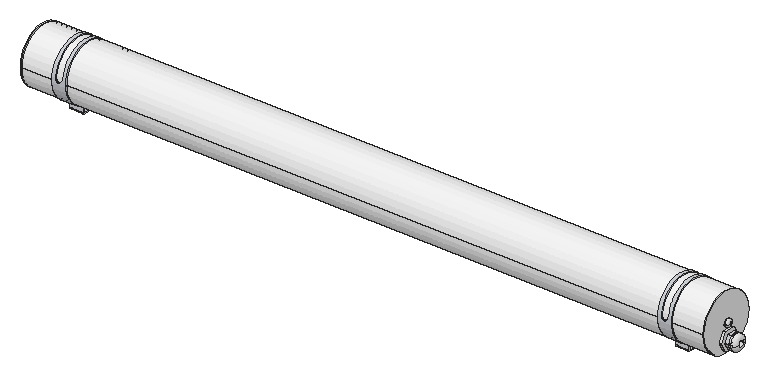
Revit family "0047614 Feilo Slyvania Lighting Fixture SYLPROOF TUBULAR LED 2X1200 EB MW NW", category Lighting Fixtures, host Face, Revit 2017
Family settings
  Host = Face
  Round Connector Dimension = Use Diameter
  Part Type = Normal
  OmniClass Number = 23.80.70.00
  OmniClass Title = Lighting
  Cut with Voids When Loaded = No
  Light Source = Yes
  Shared = No
  Room Calculation Point = No
Parameters (values of type "0047614 SYLPROOF TUBULAR LED 2X1200 EB MW NW")
  Weight = "2.8 kg"
  Wattage Comments = "n/a"
  Wattage = 39 W
  WarrantyStartDate [instance] = "n/a"
  WarrantyGuarantorParts = "n/a"
  WarrantyDurationUnit = "n/a"
  WarrantyDurationParts = "n/a"
  WarrantyDescription = "n/a"
  built-in parameter 1150110 = 1 (stored number, unit not read)
  Voltage = 230 V
  URL = "http://www.sylvania-lighting.com"
  TypeName = "SYLPROOF TUBULAR LED 2X1200 EB MW NW"
  Type Image = <None>
  Type Comments = "n/a"
  TubeDiameterOutside_FEILO = 100 mm
  TubeDiameterInside_FEILO = 96 mm
  built-in parameter 1114217 = 1 (stored number, unit not read)
  Tilt Angle = -90.00°
  built-in parameter 1150109 = 1 (stored number, unit not read)
  built-in parameter 1150134 = 12
  built-in parameter 1150113 = 1 (stored number, unit not read)
  SerialNumber [instance] = "n/a"
  ReflectorMaterial = Reflector-Sylvania-SylproofTubular-Illumination
  PowerFactor = 0
  PowerConsumption = "39 W"
  Photometric Web File = "0047614.ies"
  NominalLength = 1300 mm
  NominalHeight = 112 mm
  NominalDepth = 112 mm
  Name = "SYLPROOF TUBULAR LED 2X1200 EB MW NW"
  MountingHeight_FEILO = 64 mm
  ModelReference = Name  # "SYLPROOF TUBULAR LED 2X1200 EB MW NW"
  ModelNumber = "0047614"
  Model = Name  # "SYLPROOF TUBULAR LED 2X1200 EB MW NW"
  Material = "acrylic/pmma tube housing, acrylic/pmma diffuser"
  ManufacturerName = "Feilo Sylvania"
  Manufacturer = "Feilo Sylvania"
  LuminousEfficacy = "109.33 lm/W"
  built-in parameter 1150105 = 339.31 (stored number, unit not read)
  Lumens = 4263.87 lm
  LuminaireType = ""
  built-in parameter 1150115 = 1 (stored number, unit not read)
  LightOutputRatio = "100"
  TubeLength_FEILO = 1242 mm
  built-in parameter 1150137 = (empty or 0)
  built-in parameter 1150139 = (empty or 0)
  LampsType = Lamp  # "LED"
  LampNominalLuminous = "4264 lm"
  LampMacAdamStep = "n/a"
  LampColourTemperature = "4000 K"
  LampColourRenderingIndex = "0"
  built-in parameter 1150112 = 1 (stored number, unit not read)
  built-in parameter 1150114 = 1 (stored number, unit not read)
  Lamp = "LED"
  Keynote = "16500"
  InstallationDate [instance] = "n/a"
  InputVoltage = "220-240V~"
  InputNominalFrequency = "50/60/HF"
  built-in parameter 1150132 = (empty or 0)
  built-in parameter 1150102 = (empty or 0)
  built-in parameter 1150107 = 4000 (stored number, unit not read)
  built-in parameter 1150138 = (empty or 0)
  IngressProtection = "IP66"
  ImpactProtectionIndex = "IK06"
  built-in parameter 1150106 = 3.3931 (stored number, unit not read)
  IfcExportType = "IfcLightFixtureType"
  IfcExportAs = "IfcLightFixtureType"
  Height_FEILO = 115 mm
  ExpectedLife = 50000
  Emit from Rectangle Width = TubeLength_FEILO - 20 mm  # 1222 mm
  Emit from Rectangle Length = 90 mm  # constant formula
  Emit Shape Visible in Rendering = no
  ElectricShockClassification = "Class I"
  built-in parameter 1150104 = 10.157 (stored number, unit not read)
  DurationUnit = "hours"
  DocumentationLiterature = "http://www.sylvania-lighting.com/product/en-int/products/0047614"
  DimmingControlOptions = "Non dimmable"
  Dimming Lamp Color Temperature Shift = <None>
  DiffuserMaterial = Diffuser-Sylvania-SylproofTubular-Opal
  Description = "Aesthetically attractive and highly efficient LED tubular luminaire, opaque acrylic diffuser, stainless steel end caps and mounting brackets, rapid connector, as Sylvania Sylproof Tubular LED"
  Default Elevation = 1219.2 mm
  CreatedOn = "21/11/2017"
  CreatedBy = ""
  Cost = 0
  Color Filter = 16777215
  built-in parameter 1114216 [instance] = (empty or 0)
  ClassificationValue = "EF_70_80"
  ClassificationName = "Uniclass2015"
  BracketWidth_FEILO = 25 mm
  BracketDistance_FEILO = TubeLength_FEILO - 142 mm  # 1100 mm
  BodyMaterial = Body-Sylvania-SylproofTubular-Aluminium
  BarCode [instance] = "n/a"
  built-in parameter 1114218 = 1 (stored number, unit not read)
  built-in parameter 1150133 = 10 (stored number, unit not read)
  AssetType = "Fixed"
  AssetIdentifier [instance] = "n/a"
  Assembly Code = "D5020200"
  Apparent Load = 39 VA
  AccessoryMaterial = none
Reference planes
  plane 1 "Center (Front/Back)": y = 0
  plane 2: z = 0
  plane 3 "Center (Left/Right)": x = 0
  plane 4: x = 550
  plane 5: x = -550
  plane 6: x = 621
  plane 7: x = -621
  plane 8: x = 648
  plane 9: x = -619
  plane 10: x = 619
  plane 11: z = 64
  plane 12: z = 54
  plane 13: y = 14
  plane 14: y = -14
  plane 15: y = -42
  plane 16: y = 42
  plane 17: x = 607
  plane 18: x = -607
  plane 19: x = 624.8
  plane 20: x = -624.8
  plane 21: y = 6.4
  plane 22: y = -6.4
  plane 23: y = 2
  plane 24: x = 628.1
  plane 25: x = -628.1
  plane 26: z = 38
  plane 27: z = 54
  plane 28: z = 22
  plane 29: x = 637.1
  plane 30: x = 640.6
  plane 31: z = 115
Forms (mm)
  Extrusion 1, solid, material "Diffuser-Sylvania-SylproofTubular-Opal" <- "DiffuserMaterial"
    sketch origin (0, 0, 0) x (0, 1, 0) y (0, 0, 1)
      loop
        circle (0, 64) r 50
      loop
        circle (0, 64) r 48
    from -619 to 619
  Extrusion 2, solid, material "Reflector-Sylvania-SylproofTubular-Illumination" <- "ReflectorMaterial", detail levels medium+fine
    sketch origin (0, 0, 0) x (0, 1, 0) y (0, 0, 1)
      loop
        line (14, 54) -> (42, 64) -> (41.664, 64.942) -> (13.827, 55) -> (-13.827, 55) -> (-41.664, 64.942) -> (-42, 64) -> (-14, 54) -> (14, 54)
    from -607 to 607
  Extrusion 3, solid, material "Body-Sylvania-SylproofTubular-Aluminium" <- "BodyMaterial"
    sketch origin (619, 1524, 1219.2) x (0, 1, 0) y (0, 0, 1)
      loop
        circle (-1524, -1155.2) r 50
    from 0 to 2
  Extrusion 4, solid, material "Body-Sylvania-SylproofTubular-Aluminium" <- "BodyMaterial"
    sketch origin (-619, 1524, 1219.2) x (0, 1, 0) y (0, 0, 1)
      loop
        circle (-1524, -1155.2) r 50
    from -2 to 0
  Revolve 5, solid, material "Body-Sylvania-SylproofTubular-Aluminium" <- "BodyMaterial", detail levels fine
    sketch origin (0, 1219.2, 64) x (1, 0, 0) y (0, 1, 0)
      loop
        line (-628.1, -1219.2) -> (-621, -1219.2) -> (-621, -1212.8) -> (-624.8, -1212.8)
        arc (-624.8, -1212.8) -> (-627.183, -1214.45) -> (-628.1, -1217.2) r 4.583
        line (-628.1, -1217.2) -> (-628.1, -1219.2)
      axis (-621, -1219.2) -> (-628.1, -1219.2)
    angle from 360 to 0
  Revolve 6, solid, material "Body-Sylvania-SylproofTubular-Aluminium" <- "BodyMaterial", detail levels fine
    sketch origin (0, 1219.2, 64) x (1, 0, 0) y (0, 1, 0)
      loop
        line (628.1, -1219.2) -> (628.1, -1217.2)
        arc (628.1, -1217.2) -> (627.183, -1214.45) -> (624.8, -1212.8) r 4.583
        line (624.8, -1212.8) -> (621, -1212.8) -> (621, -1219.2) -> (628.1, -1219.2)
      axis (628.1, -1219.2) -> (621, -1219.2)
    angle from 360 to 0
  Extrusion 7, solid, material "Body-Sylvania-SylproofTubular-Aluminium" <- "BodyMaterial", detail levels medium+fine
    sketch origin (621, 1524, 1219.2) x (0, 1, 0) y (0, 0, 1)
      loop
        line (-1533.174, -1165.2) -> (-1542.475, -1181.089) -> (-1533.302, -1197.2) -> (-1514.826, -1197.2) -> (-1505.525, -1181.311) -> (-1514.698, -1165.2) -> (-1533.174, -1165.2)
    from 0 to 7.1
  Extrusion 8, solid, detail levels medium+fine
    sketch origin (628.1, 1524, 1219.2) x (0, 1, 0) y (0, 0, 1)
      loop
        line (-1530.892, -1169.262) -> (-1537.785, -1181.2) -> (-1530.892, -1193.138) -> (-1517.108, -1193.138) -> (-1510.215, -1181.2) -> (-1517.108, -1169.262) -> (-1530.892, -1169.262)
    from 0 to 9
  Revolve 9, solid, material "Body-Sylvania-SylproofTubular-Aluminium" <- "BodyMaterial", detail levels medium+fine
    sketch origin (0, 1219.2, 38) x (1, 0, 0) y (0, 1, 0)
      loop
        line (637.1, -1205.415) -> (637.1, -1212.8) -> (648, -1212.8)
        arc (648, -1212.8) -> (645.837, -1207.578) -> (640.615, -1205.415) r 7.385
        line (640.615, -1205.415) -> (637.1, -1205.415)
      axis (648, -1219.2) -> (637.1, -1219.2)
    angle from 360 to 0
Dimensions and locks
  equal spacing: plane 5, plane 3 "Center (Left/Right)", plane 4
  "BracketDistance_FEILO": plane 5 to plane 4
  equal spacing: plane 7, plane 3 "Center (Left/Right)", plane 6  (x2)
  "TubeLength_FEILO": plane 7 to plane 6
  locked: plane 6 to plane 8 at 27
  equal spacing: plane 9, plane 3 "Center (Left/Right)", plane 10
  locked: plane 7 to plane 9 at 2
  "MountingHeight_FEILO": plane 11 to plane 2
  locked: plane 12 to plane 11 at 10
  equal spacing: plane 14, plane 1 "Center (Front/Back)", plane 13
  locked: plane 14 to plane 1 "Center (Front/Back)" at 14
  equal spacing: plane 15, plane 1 "Center (Front/Back)", plane 16
  locked: plane 15 to plane 1 "Center (Front/Back)" at 42
  locked: plane 12 to Extrusion 2 sketch curve at 1
  locked: Extrusion 2 sketch curve to Extrusion 2 sketch curve at 1  (x2)
  equal spacing: plane 18, plane 3 "Center (Left/Right)", plane 17
  locked: plane 9 to plane 18 at 12
  equal spacing: plane 20, plane 3 "Center (Left/Right)", plane 19
  locked: plane 20 to plane 7 at 3.8
  equal spacing: plane 22, plane 1 "Center (Front/Back)", plane 21
  locked: plane 22 to plane 21 at 12.8
  locked: plane 1 "Center (Front/Back)" to plane 23 at 2
  equal spacing: plane 25, plane 3 "Center (Left/Right)", plane 24
  locked: plane 25 to plane 7 at 7.1
  locked: plane 26 to plane 11 at 26
  equal spacing: plane 28, plane 26, plane 27
  locked: plane 26 to plane 27 at 16
  locked: Extrusion 7 sketch curve to Extrusion 7 sketch curve at 32.001  (x2)
  locked: plane 24 to plane 29 at 9
  locked: plane 26 to Extrusion 8 sketch curve at 11.938
  locked: Extrusion 8 sketch curve to plane 26 at 11.938
  locked: Extrusion 8 sketch curve to Extrusion 8 sketch curve at 23.876  (x2)
  locked: Extrusion 8 sketch curve to plane 1 "Center (Front/Back)" at 13.785
  locked: plane 1 "Center (Front/Back)" to Extrusion 8 sketch curve at 13.785
  locked: plane 29 to plane 30 at 3.5
  "Height_FEILO": plane 31 to plane 2
  "TubeDiameterOutside_FEILO": diameter of Extrusion 1 sketch curve
  "TubeDiameterInside_FEILO": diameter of Extrusion 1 sketch curve
  aligned and locked: plane 2 to host face
  aligned and locked: level to host face
  aligned and locked: plane 10 to Extrusion 1
  aligned and locked: Extrusion 1 to plane 9
  aligned and locked: plane 13 to Extrusion 2 sketch curve
  aligned and locked: Extrusion 2 sketch curve to plane 12
  aligned and locked: plane 11 to Extrusion 2 sketch curve
  aligned and locked: plane 15 to Extrusion 2 sketch curve
  aligned and locked: plane 17 to Extrusion 2
  aligned and locked: Extrusion 2 to plane 18
  aligned and locked: plane 11 to Extrusion 1 sketch curve  (x2)
  aligned and locked: plane 1 "Center (Front/Back)" to Extrusion 1 sketch curve  (x2)
  aligned and locked: Extrusion 3 sketch curve to Extrusion 1  (x2)
  aligned and locked: plane 6 to Extrusion 3
  aligned and locked: Extrusion 3 to plane 10
  aligned and locked: Extrusion 4 sketch curve to Extrusion 3  (x2)
  aligned and locked: Extrusion 4 to plane 7
  aligned and locked: plane 9 to Extrusion 4
  aligned and locked: Revolve 5 sketch curve to Extrusion 4
  aligned and locked: plane 1 "Center (Front/Back)" to Revolve 5 sketch curve
  aligned and locked: plane 20 to Revolve 5 sketch curve
  aligned and locked: Revolve 5 sketch curve to plane 21
  aligned and locked: Revolve 5 sketch curve to plane 1 "Center (Front/Back)"
  aligned and locked: plane 23 to Revolve 6 sketch curve
  aligned and locked: Revolve 6 sketch curve to Extrusion 3
  aligned and locked: plane 1 "Center (Front/Back)" to Revolve 6 sketch curve
  aligned and locked: Revolve 6 sketch curve to plane 21
  aligned and locked: Revolve 6 sketch curve to plane 1 "Center (Front/Back)"
  aligned and locked: plane 25 to Revolve 5 sketch curve
  aligned and locked: plane 24 to Revolve 6 sketch curve
  aligned and locked: Extrusion 7 sketch curve to plane 27
  aligned and locked: plane 28 to Extrusion 7 sketch curve
  aligned and locked: plane 24 to Extrusion 7
  aligned and locked: Extrusion 7 to plane 6
  aligned and locked: plane 29 to Extrusion 8
  aligned and locked: Extrusion 8 to plane 24
  aligned and locked: Revolve 9 sketch curve to plane 1 "Center (Front/Back)"
  aligned and locked: Extrusion 8 to Revolve 9 sketch curve
  aligned and locked: Revolve 9 sketch curve to Extrusion 8
  aligned and locked: plane 8 to Revolve 9 sketch curve
  aligned and locked: plane 21 to Revolve 9 sketch curve
  aligned and locked: imposter light to plane 31
  aligned and locked: imposter light to plane 3 "Center (Left/Right)"
  aligned and locked: imposter light to plane 1 "Center (Front/Back)"
  aligned and locked: plane 1 "Center (Front/Back)" to nested 2
  aligned and locked: plane 1 "Center (Front/Back)" to nested 1
  aligned and locked: plane 5 to nested 1
  aligned and locked: plane 4 to nested 2
Automatic sketch dimensions
  host sketch curve to host sketch curve = 2438.4 mm  (x2)
  Extrusion 2 sketch curve to plane 14 = 0 mm
  Extrusion 2 sketch curve to plane 16 = 0 mm
  plane 11 to Extrusion 2 sketch curve = 0 mm
  plane 23 to Revolve 5 sketch curve = 0 mm
  Revolve 5 sketch curve to plane 25 = 1195.9 mm
  plane 8 to Revolve 5 sketch curve = 1176 mm
  Revolve 6 sketch curve to plane 19 = 0 mm
  Revolve 6 sketch curve to plane 25 = 1195.9 mm
  plane 8 to Revolve 6 sketch curve = 1176 mm
  Extrusion 7 sketch curve to plane 26 = 0.111 mm
  plane 14 to Extrusion 7 sketch curve = 4.475 mm
  plane 22 to Extrusion 7 sketch curve = 2.902 mm
  plane 22 to Extrusion 7 sketch curve = 2.774 mm
  plane 26 to Extrusion 8 sketch curve = 0 mm  (x2)
  Revolve 9 sketch curve to plane 25 = 1195.9 mm
  plane 8 to Revolve 9 sketch curve = 1176 mm
Nested families
  nested 1: "SylproofTubularMountingRing" at (-550, 0, 0), type "SylproofTubularMountingRing"
  nested 2: "SylproofTubularMountingRing" at (550, 0, 0), type "SylproofTubularMountingRing"
Connectors
  electrical at (0, 0, 0), driven by "Apparent Load", driven by "PowerFactor", driven by "Voltage"
    settings: index 1, voltage 230 V, apparent load 39 VA, apparent load phase1 0 VA, apparent load phase2 0 VA, apparent load phase3 0 VA, power factor 0, load classification "Lighting", number of poles 1, system type 30, power factor state 1, is connector primary yes, connector utility no, sub classification motor no, connector description ""
Definition of nested family "SylproofTubularMountingRing"
  Parameters (values of type "SylproofTubularMountingRing")
    URL = "http://www.feilosylvania.com"
    Type Image = (empty or 0)
    Type Comments = "n/a"
    TubeRadius_FEILO = 50 mm
    TubeDiameter_FEILO = TubeRadius_FEILO * 2  # 100 mm
    Model = ""
    Manufacturer = "Feilo Sylvania"
    Length_FEILO = 1000 mm
    Keynote = ""
    Height_FEILO = 3 mm
    Description = ""
    Default Elevation = 1219.2 mm
    CutOutWidth_FEILO = BracketWidth_FEILO / 2  # 12.5 mm
    CutOutRadius_FEILO = CutOutWidth_FEILO / 2  # 6.25 mm
    Cost = 0
    ClassificationValue = ""
    ClassificationName = ""
    BracketWidth_FEILO = 25 mm
    BracketThickness_FEILO = 1 mm
    BracketOuterCircleRadis_FEILO = TubeRadius_FEILO + BracketThickness_FEILO  # 51 mm
    BodyMaterial = none
    Assembly Code = ""
  Reference planes
    plane 1 "Center (Front/Back)": y = 0
    plane 2: z = 0
    plane 3 "Center (Left/Right)": x = 0
    plane 4: x = 12.5
    plane 5: x = -12.5
    plane 6: y = 50
    plane 7: y = -50
    plane 8: z = 115
    plane 9: z = 114
    plane 10: y = -51
    plane 11: y = 51
    plane 12: z = 14
    plane 13: z = 64
    plane 14: y = 10
    plane 15: y = -10
    plane 16: y = 11
    plane 17: z = 1
    plane 18: y = -11
    plane 19: x = 6.25
    plane 20: x = -6.25
    plane 21: z = 70.25
    plane 22: y = 54
    plane 23: y = -54
    plane 24: z = 120
  Forms (mm)
    Extrusion 1, solid
      sketch origin (4.2, 0, 0) x (1, 0, 0) y (0, 1, 0)
        loop
          line (-1219.2, 1219.2) -> (-1219.2, -1219.2) -> (1219.2, -1219.2) -> (1219.2, 1219.2) -> (-1219.2, 1219.2)
      from 0 to -68.017
    Extrusion 2, solid
      sketch origin (0, 0, 0) x (0, 1, 0) y (0, 0, 1)
        loop
          arc (9, 1) -> (9.707, 1.293) -> (10, 2) r 1
          line (10, 2) -> (10, 13.435)
          arc (10, 13.435) -> (10.423, 14.651) -> (11.509, 15.343) r 1.96
          arc (11.509, 15.343) -> (0.015, 114) -> (-11.538, 15.35) r 50
          arc (-11.538, 15.35) -> (-10.431, 14.644) -> (-10, 13.404) r 2
          line (-10, 13.404) -> (-10, 2)
          arc (-10, 2) -> (-9.707, 1.293) -> (-9, 1) r 1
          line (-9, 1) -> (9, 1)
        loop
          arc (9, 0) -> (10.414, 0.586) -> (11, 2) r 2
          line (11, 2) -> (11, 13.404)
          arc (11, 13.404) -> (11.216, 14.024) -> (11.769, 14.377) r 1
          arc (11.769, 14.377) -> (0, 115) -> (-11.769, 14.377) r 51
          arc (-11.769, 14.377) -> (-11.216, 14.024) -> (-11, 13.404) r 1
          line (-11, 13.404) -> (-11, 2)
          arc (-11, 2) -> (-10.414, 0.586) -> (-9, 0) r 2
          line (-9, 0) -> (9, 0)
      from -12.5 to 12.5
    Extrusion 3, void
      sketch origin (0, 0, 0) x (1, 0, 0) y (0, 0, 1)
        loop
          line (-6.25, 120) -> (-6.25, 70.25)
          arc (-6.25, 70.25) -> (0, 64) -> (6.25, 70.25) r 6.25
          line (6.25, 70.25) -> (6.25, 120) -> (-6.25, 120)
      from -54 to 54
  Cuts and joins
    Extrusion 3 cuts Extrusion 2
  Lines and regions (mm)
    reference lines
      curve 1: circle (0, 0, 64) r 50 normal (1, 0, 0)
      curve 2: circle (0, 0, 64) r 51 normal (-1, 0, 0)
  Dimensions and locks
    equal spacing: plane 5, plane 3 "Center (Left/Right)", plane 4
    "BracketWidth_FEILO": plane 5 to plane 4
    equal spacing: plane 7, plane 1 "Center (Front/Back)", plane 6
    "TubeRadius_FEILO": plane 7 to plane 1 "Center (Front/Back)"
    locked: plane 8 to plane 2 at 115
    "BracketThickness_FEILO": plane 9 to plane 8
    equal spacing: plane 10, plane 1 "Center (Front/Back)", plane 11
    "BracketThickness_FEILO": plane 10 to plane 7
    "TubeDiameter_FEILO": plane 12 to plane 9
    "TubeRadius_FEILO": plane 12 to plane 13
    equal spacing: plane 15, plane 1 "Center (Front/Back)", plane 14
    locked: plane 15 to plane 1 "Center (Front/Back)" at 10
    "BracketThickness_FEILO": plane 17 to plane 2
    "BracketThickness_FEILO": plane 18 to plane 15
    equal spacing: plane 18, plane 1 "Center (Front/Back)", plane 16
    equal spacing: plane 19, plane 3 "Center (Left/Right)", plane 20
    "CutOutWidth_FEILO": plane 19 to plane 20
    "CutOutRadius_FEILO": plane 21 to plane 13
    plane 23 to plane 1 "Center (Front/Back)" to plane 22 = 54 mm locked, 54 mm locked
    locked: plane 24 to level at 120
    "TubeRadius_FEILO": radius of curve 1
    "BracketOuterCircleRadis_FEILO": radius of curve 2
    "BracketOuterCircleRadis_FEILO": radius of Extrusion 2 sketch curve
    "TubeRadius_FEILO": radius of Extrusion 2 sketch curve
    aligned and locked: plane 2 to Extrusion 1
    aligned and locked: level to Extrusion 1
    aligned and locked: plane 1 "Center (Front/Back)" to curve 1
    aligned and locked: plane 13 to curve 1
    aligned and locked: plane 1 "Center (Front/Back)" to curve 2
    aligned and locked: plane 13 to curve 2
    aligned and locked: Extrusion 2 sketch curve to plane 17
    aligned and locked: Extrusion 2 sketch curve to plane 15
    aligned and locked: Extrusion 2 sketch curve to plane 18
    aligned and locked: Extrusion 2 sketch curve to plane 14
    aligned and locked: Extrusion 2 sketch curve to plane 16
    aligned and locked: plane 4 to Extrusion 2
    aligned and locked: Extrusion 2 to plane 5
    aligned and locked: plane 20 to Extrusion 3 sketch curve
    aligned and locked: Extrusion 3 sketch curve to plane 19
    aligned and locked: plane 3 "Center (Left/Right)" to Extrusion 3 sketch curve
    aligned and locked: plane 21 to Extrusion 3 sketch curve  (x3)
    aligned and locked: plane 23 to Extrusion 3
    aligned and locked: Extrusion 3 to plane 22
    aligned and locked: plane 24 to Extrusion 3 sketch curve
  Automatic sketch dimensions
    Extrusion 1 sketch curve to Extrusion 1 sketch curve = 2438.4 mm  (x2)
    Extrusion 2 sketch curve to Extrusion 2 sketch curve = 0 mm  (x8)
    Extrusion 2 sketch curve to plane 1 "Center (Front/Back)" = 0 mm
    plane 13 to Extrusion 2 sketch curve = 0 mm
    Extrusion 2 sketch curve to plane 15 = 1 mm
    plane 14 to Extrusion 2 sketch curve = 1 mm
    Extrusion 2 sketch curve to Extrusion 2 sketch curve = 1 mm
    Extrusion 2 sketch curve to Extrusion 2 sketch curve = 0.04 mm
    plane 12 to Extrusion 2 sketch curve = 0.596 mm
    plane 12 to Extrusion 2 sketch curve = 0.565 mm
    Extrusion 2 sketch curve to Extrusion 2 sketch curve = 0.031 mm
  Connectors
    electrical at (0, 0, 0)
      settings: index 1, voltage 24 V, apparent load 72 VA, apparent load phase1 0 VA, apparent load phase2 0 VA, apparent load phase3 0 VA, power factor 0, load classification none, number of poles 1, system type 30, power factor state 1, is connector primary yes, connector utility no, sub classification motor no, connector description ""
